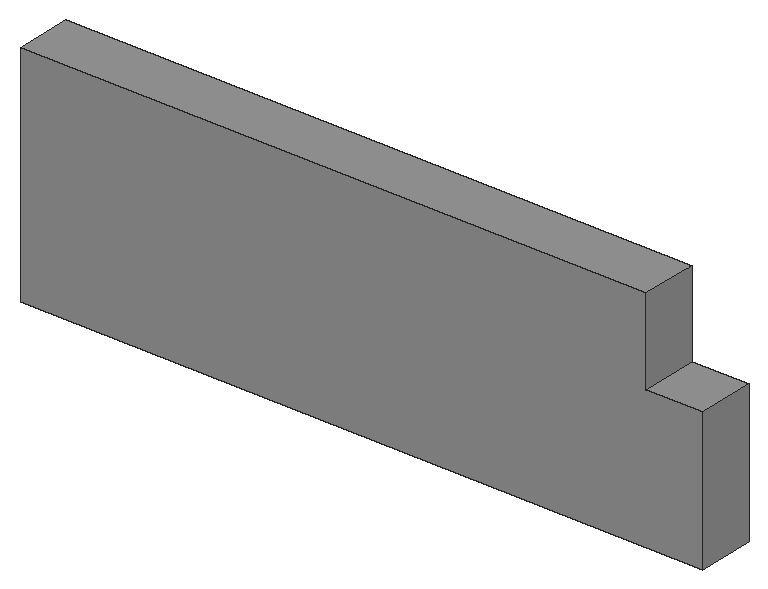
Revit family "1. Sabbia_NormalP_EN", category Modelos genéricos, Revit 2017
Family settings
  Anfitrión = Muro
  Puede alojar armadura = No
  Cota de conector redondo = Diámetro de uso
  Tipo de pieza = Normal
  Siempre vertical = Sí
  Corte con vacíos al cargar = No
  Compartido = No
  Punto de cálculo de habitación = No
Parameters (values of type "Stonepanel® Sabbia")
  Stonepanel advantages = "More Efficient: Simple and quick installation: 10 times faster than traditional masonry (placing rate average 20m2/day). More profitable: virtually non-existent product waste. Natural Stone products are more durable than other cladding materials. Stonepanel™ installation requires no skilled labour or machinery.\r\nSafer: The incorporated mechanical anchor of Stonepanel™, made of stainless steel, enables the installation of natural stone panel on surfaces higher than two meters. Strong and uniform cement base ensures adherence and allows piece cutting without risk of detachment.\r\nHigh Quality: Manufacturing processes are continually monitored by the R&D Department of CUPAGROUP. A great selection of natural stone is done by the experts of CUPASTONE. Special pieces are available, such as corners (solid, straight end, double end or for windows), coverings and other complementary solutions.\r\nMore Aesthetic: ‘S’-shaped panels to avoid visible joints, in order to enhance the external look of any projet. A wide range of natural stone panels with different colours and finishes is available. Beauty and exclusiveness of the natural stone: each piece is unique."
  Uses Indicated = "Decorative cladding system suitable for indoor and outdoor use on new or existing buildings when attached to solid walls of masonry or concrete.\r\nStonepanel Sky can be installed at any height. Stonepanel can be installed at heights up to 2 metres."
  URL = "http://www.cupastone.com/cupa/productos/panel-de-piedra/?n=stonepanel-orient-oro"
  Fire resistance = "A1 incombustible"
  Durability = "The system has a design life in excess of 30 years."
  Delivery form = "Panels are packed in plastic in pairs or in cardboard boxes of three or four pieces"
  Construction details = "Details of:\r\n- Installation with a metal profile\r\n- Installation of Stonepanel\r\n- Installation on interior wall\r\n- Installation of the safety element (perforated band, screws and wall plugs)\r\n- Incoming corner\r\n- Protruding corner\r\n- Prefabricated protruding corner\r\n- Protruding corner with sawn panels\r\n- Protruding corner without Stonepanel continuity (lateral façade)\r\n- Upper edges\r\n- Avobe parapet\r\n- Frame of vain"
  Resistance = "High resistance"
  Weight = "8,75 kg"
  Oxidation = "No oxidation"
  Other relevant info = "All panels installed above 2 m from the ground must be fixed with both mortar adhesive and mechanical fixings"
  Modelo = "Stonepanel® Sabbia"
  Material = "Golden quartzite with brown and grey tones, that\r\ncreates an elegant and bright look for modern and rustic projects."
  Cleaning = "Generally the panels do not require maintenance and are self-cleaning but removal of some types of mark may require specialist treatment\r\nFor abnormal soiling, the surface may be cleaned using a hot water/household detergent mixture, applied\r\nwith a suitable cleaning pad or sponge."
  Large = 600 mm
  Impact = "It can be used in areas categorised as A to F"
  Imagen de tipo = <Ninguno>
  Format = "600 x 200"
  Form = "“S”-shaped"
  Fabricante = "Cupastone"
  Anchor system = "Perforated steel banding:\r\n- Stainless steel grade AISI 316 (1.4401) or AISI 304 (1.4301) with a minimum thickness of 0.7 mm and width of 12 mm to 15 mm, with holes 6±1 mm in diameter.\r\n- Stainless steel grade AISI 304 (1.4301) with a minimum thickness of 0.8 mm and width of 10±1 mm, with holes 5±1 mm in diameter.\r\n- The steel banding has five holes on each of the two wings, which are aligned in order to fix a screw through both holes into the wall.\r\n\r\nStainless steel screws and wall plugs:\r\nThe pull-out value of the fixings for securing Stonepanel Sky panels to the wall should be determined on site using the characteristic pull-out resistance divided by a minimum safety factor of 3."
  Tests performed by Avis Technique = "Avis Technique\r\nMechanical strenth of the anchor\r\nResistance of the mechanical fixing\r\nTesting of durability after water\r\nDurability after freeze\r\nSeismic test\r\nFire test"
  Height offset = 0 mm
  Descripción = "Panel made of natural stones bonded to a cement base reinforced with glassfibre mesh\r\n Each panel incorporates an embedded mechanical anchor used for additional fixing system, for heights above 2 metres from the ground"
  Apparent Density = "79,5 kg/m2"
  Secondary colour = "Gold"
  Principal colour = "Beige"
  Certifications = "Avis Technique - France - In process"
  Aspect = "Natural"
  Width = 50 mm
  Height = 200 mm
  Finish = "Natural"
  Absorption = "Low absorption"
Types (2, lengths in mm): name | Fire resistance | Durability | Weight | Modelo | Large | Format | Tests performed by Avis Technique | Apparent Density | Secondary colour | Principal colour | Certifications | Height
  Stonepanel® Sabbia | "A1 incombustible" | "The system has a design life in excess of 30 years." | "8,75 kg" | "Stonepanel® Sabbia" | 600 | "600 x 200" | "Avis Technique\r\nMechanical strenth of the anchor\r\nResistance of the mechanical fixing\r\nTesting of durability after water\r\nDurability after freeze\r\nSeismic test\r\nFire test" | "79,5 kg/m2" | "Gold" | "Beige" | "Avis Technique - France - In process" | 200
  Stonepanel® SKY Orient Gold. 15.2m - 61 cm | "Non-combustible" | "The system has a design life in excess of 30 years" | "6,5 kg" | "Stonepanel® SKY Orient Gold" | 610 | "610x152" | "Mechanical strenth of the anchor, Resistance of the mechanical fixing, Testing of durability after water, Durability after freeze, Seismic test" | "77 kg/m2" | "Grey" | "Gold" | "BBA - United Kingdom, Avis Technique - France, DIBt - Germany, SINTEF - Norway" | 152
Reference planes
  plane 1 "Muro": y = 0
  plane 2 "Centro (Izquierda/Derecha)": x = 125
  plane 3 "Posterior": y = 75
Forms (mm)
  Extrusion 1, solid, material "Stonepanel® SKY Orient Gold"
    sketch origin (0, 160, 1120) x (1, 0, 0) y (0, 0, 1)
      loop
        line (125, -1120) -> (125, -996) -> (75, -996) -> (75, -920) -> (-475, -920) -> (-475, -1120) -> (125, -1120)
    from 35 to 85
Text (mm)
  text "Cara de colocación" at (-1848.837, 1116.779, 0), in view "Nivel de referencia"
  text "Cara de colocación" at (0, 1409.804, 2854.306), in view "Izquierda"
  text "Cara de colocación" at (0, 499.811, 2980.732), in view "Derecha"
Dimensions and locks
  locked: plane 3 "Posterior" to host wall
  locked: Extrusion 1 to plane 3 "Posterior" at 0
  "Width": Extrusion 1 to Extrusion 1
  "Large": Extrusion 1 to Extrusion 1
  locked: Extrusion 1 to Extrusion 1 at 76
  "Height offset": level to Extrusion 1
  locked: Extrusion 1 to Extrusion 1 at 50
  "Height": Extrusion 1 to Extrusion 1
  aligned and locked: plane 1 "Muro" to host wall
Automatic sketch dimensions
  Extrusion 1 sketch curve to level = 0 mm
  Extrusion 1 sketch curve to plane 2 "Centro (Izquierda/Derecha)" = 0 mm
  Extrusion 1 sketch curve to plane 2 "Centro (Izquierda/Derecha)" = 50 mm
  level to Extrusion 1 sketch curve = 200 mm
  Extrusion 1 sketch curve to Extrusion 1 sketch curve = 550 mm
  level to Extrusion 1 sketch curve = 124 mm
